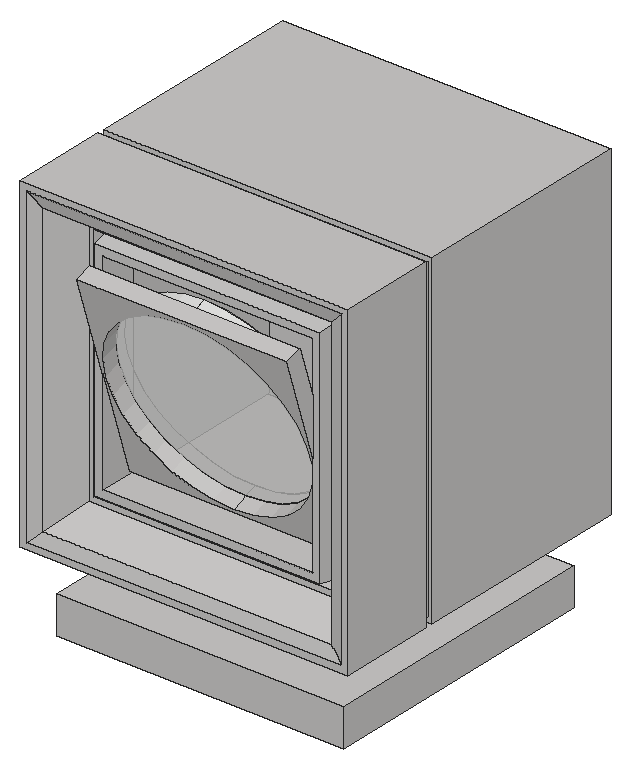
Revit family "Lighting-Luminii-Leto_44_Plus_WM_A_SML new", category Lighting Fixtures, host Face, Revit 2020
Family settings
  Host = Face
  Round Connector Dimension = Use Diameter
  Part Type = Normal
  OmniClass Number = 23.80.70.11.14.11
  OmniClass Title = Downlights
  Cut with Voids When Loaded = No
  Light Source = Yes
  Shared = Yes
  Room Calculation Point = No
Parameters (values of type "Leto 44 PLUS WM A SML")
  Width = 0' - 6 15/16"  # constant formula
  Wattage Comments = "6.5W"
  Wattage = 6.49954 W
  Warranty URL = "https://www.luminii.com/terms-conditions/"
  built-in parameter 1150110 = 1 (stored number, unit not read)
  Voltage Comments = "120V | 277V | 347V"  # constant formula
  Voltage = 120 V
  Version = "2020 - v1.0a"  # constant formula
  URL = "https://www.luminii.com/"
  built-in parameter 1114217 = 1 (stored number, unit not read)
  Tilt Angle = 0.00°  # constant formula
  built-in parameter 1150109 = 1 (stored number, unit not read)
  built-in parameter 1150134 = (empty or 0)
  built-in parameter 1150113 = 1 (stored number, unit not read)
  Support Phone = "224-699-9545"  # constant formula
  Support Email = "mailto:support@bimsmith.com"
  Product Page URL = "https://www.luminii.com/product/leto-44-plus-wm-a-sml/"
  Power Source Type = "Driver"  # constant formula
  Power Factor = 1
  Photometric Web File = "713A-A90-618-35-10-DL.ies"
  Phase = 1
  Operating Temperature = "Consult Manufacturer Website for more Information"  # constant formula
  Number of Poles = if(and(or(Voltage = 120 V, Voltage = 277 V), Phase = 1), 1, if(and(or(Voltage = 208 V, Voltage = 240 V), Phase = 1), 2, if(and(or(Voltage = 208 V, Voltage = 240 V), Phase = 3), 3, if(and(Voltage > 300 V, Phase = 1), 2, if(and(Voltage > 400 V, Phase = 3), 3, 1)))))  # 1
  Mounting Method = "Wall Mount"  # constant formula
  Model = "713A"  # constant formula
  Manufacturer Phone Number = "403-216-7043"  # constant formula
  Manufacturer Email = "mailto: info@sensolighting.com"
  Manufacturer Address = "302 50 Ave SE. Calgary, Alberta, T2G 2A9 Canada"  # constant formula
  Manufacturer = "Luminii"  # constant formula
  built-in parameter 1150105 = 55.704 (stored number, unit not read)
  Lumens = 700 lm
  Luminaire Type = "Wall Mount Asymmetric LED Downlight"  # constant formula
  built-in parameter 1150115 = 1 (stored number, unit not read)
  Load Classification = Lighting
  built-in parameter 1150137 = (empty or 0)
  built-in parameter 1150139 = (empty or 0)
  Lens Material = Plastic - Luminii - Frosted Lens
  Length = 0' - 5 9/16"  # constant formula
  built-in parameter 1150112 = 1 (stored number, unit not read)
  built-in parameter 1150114 = 1 (stored number, unit not read)
  Lamp Life = 1
  Lamp = "LED"  # constant formula
  Keynote = "26 50 00"
  built-in parameter 1150132 = 2
  built-in parameter 1150102 = (empty or 0)
  built-in parameter 1150107 = 3500 (stored number, unit not read)
  Initial Color Comments = "Perfomance based on 3500K Photometric Web File"  # constant formula
  built-in parameter 1150138 = (empty or 0)
  built-in parameter 1150106 = 0.55704 (stored number, unit not read)
  Housing Protection Rating = "Consult Manufacturer Website for more Information"  # constant formula
  Has Dimming = 1 = 1  # yes
  Has Battery Backup = 0 = 1  # no
  Frequency Comments = ""  # constant formula
  Frequency = 60 Hz
  Finish = Metal - Luminii - Silver Anodized Aluminum
  Environment = "Indoor"  # constant formula
  built-in parameter 1150104 = 10.006 (stored number, unit not read)
  Dimming Type = "Consult Manufacturer Website for more Information"  # constant formula
  Dimming Lamp Color Temperature Shift = <None>
  Description = "Wall Mount Asymmetric LED Downlight"  # constant formula
  Depth = 0' - 5 73/128"  # constant formula
  Default Elevation = 0' - 0"  # constant formula
  Current Amps = 50 A
  Copyright = "©2024 Luminii"  # constant formula
  Control Zone = "Consult Manufacturer Website for more Information"  # constant formula
  Control Type = "Consult Manufacturer Website for more Information"  # constant formula
  Constraints = 1  # constant formula
  Color Filter = 16777215
  built-in parameter 1114216 [instance] = 0  # (empty or 0)
  built-in parameter 1140040 [instance] = 1 = 1  # 1
  CCT = "3500K"
  built-in parameter 1114218 = 1 (stored number, unit not read)
  built-in parameter 1150133 = 10 (stored number, unit not read)
  Assembly Code = "D5020200"
  Apparent Load = Wattage / Power Factor  # 6.49954 VA
Reference planes (in)
  plane 1 "Center (Front/Back)": y = 0
  plane 2: z = 0
  plane 3 "Center (Left/Right)": x = 0
  plane 4: x = 2.78125
  plane 5: x = -2.78125
  plane 6: y = 2.78516
  plane 7: y = -2.78516
  plane 8: z = 4.16492
  plane 9: z = 1.37992
  plane 10: z = 6.9375
Forms (in)
  Extrusion 1, solid, material "Metal - Luminii - Silver Anodized Aluminum", not visible
    sketch origin (0, 0, 0) x (1, 0, 0) y (0, 1, 0)
      loop
        circle (0, 0) r 0.5
    from 0 to -0.17225
Dimensions and locks (in)
  equal spacing: plane 5, plane 3 "Center (Left/Right)", plane 4
  equal spacing: plane 6, plane 1 "Center (Front/Back)", plane 7  (x2)
  imposter light to plane 9 = 0' - 2.77879"
  locked: plane 9 to host face at 1.37992
  equal spacing: plane 10, imposter light, plane 9
  plane 10 to plane 9 = 0' - 5.55758"
  "Depth": plane 7 to plane 6
  "Width": host face to plane 10
  "Length": plane 4 to plane 5
  aligned and locked: plane 2 to host face
  aligned and locked: plane 3 "Center (Left/Right)" to Extrusion 1 sketch curve
  aligned and locked: plane 1 "Center (Front/Back)" to Extrusion 1 sketch curve
  aligned and locked: plane 2 to Extrusion 1  (x2)
  aligned and locked: imposter light to plane 3 "Center (Left/Right)"
Automatic sketch dimensions
  host sketch curve to host sketch curve = 8' - 0"  (x2)
  radius of Extrusion 1 sketch curve = 0' - 0 1/2"
Nested families (in)
  nested 1: "Nested - Lamp" at (0, 0, 0), type "Nested - Lamp"
Connectors (in)
  electrical at (0, 0, 0), driven by "Number of Poles", driven by "Load Classification", driven by "Voltage", driven by "Apparent Load", driven by "Power Factor"
    settings: on Extrusion 1, index 1, voltage 120 V, apparent load 6.49954 VA, apparent load phase1 0 VA, apparent load phase2 0 VA, apparent load phase3 0 VA, power factor 1, load classification "Lighting", number of poles 1, system type 30, power factor state 1, is connector primary yes, connector utility no, sub classification motor no, connector description "Power Connection"
Definition of nested family "Nested - Lamp"
  Parameters (values of type "Nested - Lamp")
    Width = 0' - 5.57087"  # constant formula
    Screen Material = none
    Inner Screen = none
    Height = 0' - 6.49606"  # constant formula
    Finish = none
    Depth = 0' - 5 73/128"
    Default Elevation = 4' - 0"
    Constraint = 3
  Reference planes (in)
    plane 1 "Center (Front/Back)": y = 0
    plane 2: z = 0
    plane 3 "Center (Left/Right)": x = 0
    plane 4: z = 3.25
    plane 5: z = 4.16492
    plane 6: x = -1.87008
    plane 7: x = 1.87008
    plane 8: x = -2.785
    plane 9: x = 2.785
    plane 10: y = -2.78516
    plane 11: y = 2.78516
  Forms (in)
    Extrusion 1, solid
      sketch origin (0, 0, 0) x (1, 0, 0) y (0, 1, 0)
        loop
          line (-48, 48) -> (-48, -48) -> (48, -48) -> (48, 48) -> (-48, 48)
      from 0 to -12
    Sweep 2, solid, material <- "Finish", detail levels medium+fine
      path origin (-0.03362, -2.16535, 6.49563) x (0, 0, 1) y (-1, 0, 0)
        loop
          line (0.45479, -2.81862) -> (0.45479, 2.75138) -> (-5.11621, 2.75138) -> (-5.11621, -2.81862) -> (0.45479, -2.81862)
      profile origin (2.785, -2.16535, 4.16492) x (0, -1, 0) y (1, 0, 0)
        loop
          line (-4.95051, 0) -> (-4.95051, -0.07874) -> (-4.75366, -0.07874) -> (-4.75366, -0.21654) -> (-0.51419, -0.21654) -> (-0.51419, -1) -> (0.1198, -1) -> (0.1198, -0.875) -> (-0.29402, -0.81684)
          arc (-0.29402, -0.81684) -> (-0.3177, -0.79301) -> (-0.29852, -0.76544) r 0.02623
          line (-0.29852, -0.76544) -> (-0.01419, -0.74056) -> (-0.01419, -0.65072) -> (0.55419, -0.32428) -> (0.6198, -0.10547) -> (0.6198, 0) -> (-1.03645, 0) -> (-1.03645, -0.07874) -> (-1.16145, -0.07874) -> (-1.16145, 0) -> (-4.95051, 0)
    Extrusion 3, solid, material <- "Finish"
      sketch origin (1.59205, -2.61177, 6.82304) x (0, 0.309017, -0.951057) y (1, 0, 0)
        loop
          line (4.45826, 0.19345) -> (0.88726, 0.19345) -> (0.88726, -3.37755) -> (4.45826, -3.37755) -> (4.45826, 0.19345)
        loop
          circle (2.67276, -1.59205) r 1.738
      from 0.23419 to 0.51772
    Extrusion 4, solid, material <- "Screen Material"
      sketch origin (1.59205, -4.03204, 6.36157) x (0, 0.309017, -0.951057) y (1, 0, 0)
        loop
          circle (2.67276, -1.59205) r 1.738
      from -1.25917 to -1.46931
    Extrusion 5, solid, material <- "Finish", detail levels medium+fine
      sketch origin (-0.03362, -3.09528, 6.03258) x (0, 0, 1) y (-1, 0, 0)
        loop
          line (0.8391, -2.73988) -> (0.8391, 2.67263) -> (-4.57442, 2.67263) -> (-4.57442, -2.73988) -> (0.8391, -2.73988)
        loop
          line (-1.27711, -0.35085) -> (-0.52144, -0.35085)
          arc (-0.52144, -0.35085) -> (-0.24585, -0.07526) -> (-0.52144, 0.20033) r 0.27559
          line (-0.52144, 0.20033) -> (-1.27711, 0.20033)
          arc (-1.27711, 0.20033) -> (-1.49982, 0.29258) -> (-1.59207, 0.51529) r 0.31496
          line (-1.59207, 0.51529) -> (-1.59207, 1.14748)
          arc (-1.59207, 1.14748) -> (-1.86766, 1.42307) -> (-2.14325, 1.14748) r 0.27559
          line (-2.14325, 1.14748) -> (-2.14325, 0.55693)
          arc (-2.14325, 0.55693) -> (-2.2355, 0.33422) -> (-2.45821, 0.24197) r 0.31496
          line (-2.45821, 0.24197) -> (-3.04876, 0.24197)
          arc (-3.04876, 0.24197) -> (-3.32435, -0.03362) -> (-3.04876, -0.30922) r 0.27559
          line (-3.04876, -0.30922) -> (-2.45821, -0.30922)
          arc (-2.45821, -0.30922) -> (-2.2355, -0.40147) -> (-2.14325, -0.62418) r 0.31496
          line (-2.14325, -0.62418) -> (-2.14325, -1.21473)
          arc (-2.14325, -1.21473) -> (-1.86766, -1.49032) -> (-1.59207, -1.21473) r 0.27559
          line (-1.59207, -1.21473) -> (-1.59207, -0.66582)
          arc (-1.59207, -0.66582) -> (-1.49982, -0.4431) -> (-1.27711, -0.35085) r 0.31496
      from -5.75828 to -5.68358
    Extrusion 6, solid, material <- "Finish", detail levels medium+fine
      sketch origin (-0.03362, -3.09528, 6.03258) x (0, 0, 1) y (-1, 0, 0)
        loop
          line (0.8391, -2.73988) -> (0.8391, 2.67263) -> (-4.57442, 2.67263) -> (-4.57442, -2.73988) -> (0.8391, -2.73988)
        loop
          circle (-1.86766, -0.03362) r 0.87104
        loop
          circle (-1.86766, -0.03362) r 0.71409
      from -5.36862 to -5.30882
    Sweep 7, solid, material <- "Finish", detail levels coarse
      path origin (0.8813, -1.70248, 6.49563) x (0, 0, 1) y (-1, 0, 0)
        loop
          line (0.45479, -1.9042) -> (0.45479, 3.6668) -> (-5.11621, 3.6668) -> (-5.11621, -1.9042) -> (0.45479, -1.9042)
      profile origin (2.7855, -1.70248, 4.16492) x (0, -1, 0) y (1, 0, 0)
        loop
          line (-4.48764, 0) -> (-4.48764, -0.07874) -> (-4.29078, -0.07874) -> (-4.29078, -0.21654) -> (-0.05132, -0.21654) -> (-0.05132, -1.00515) -> (0.58268, -1.00515) -> (0.58268, -0.43704) -> (1.05685, -0.1647) -> (1.08268, -0.09375) -> (1.08268, 0) -> (-4.48764, 0)
    Extrusion 8, solid, material <- "Finish"
      sketch origin (-0.03362, 1.25, 6.49606) x (0, 1, 0) y (-1, 0, 0)
        loop
          line (1.1875, 2.40732) -> (-3.6875, 2.40732) -> (-3.6875, -2.47457) -> (1.1875, -2.47457) -> (1.1875, 2.40732)
      from -6.49606 to -5.86614
    Extrusion 9, solid, material <- "Finish"
      sketch origin (-0.03362, 1.25, 6.49606) x (0, 1, 0) y (-1, 0, 0)
        loop
          line (-0.38386, -0.89977) -> (-0.38386, 0.83252) -> (-2.11614, 0.83252) -> (-2.11614, -0.89977) -> (-0.38386, -0.89977)
      from -5.11614 to -5.86614
    Extrusion 10, solid, material <- "Finish", detail levels coarse
      sketch origin (-0.03362, -3.09528, 6.03258) x (0, 0, 1) y (-1, 0, 0)
        loop
          line (0.8391, -2.73988) -> (0.8391, 2.67263) -> (-4.57442, 2.67263) -> (-4.57442, -2.73988) -> (0.8391, -2.73988)
      from -5.75828 to -5.68358
  Lines and regions (in)
    reference lines
      curve 1: line (0, -2.1434, 4.16492) -> (0, -2.1434, 8.12942)
  Dimensions and locks (in)
    Sweep 7 to Extrusion 1 = 0' - 1.37942"
    Sweep 7 to Sweep 7 = 0' - 5.571"
    Sweep 7 to plane 4 = 0' - 1.87058"
    Sweep 7 to plane 5 = 0' - 2.7855"
    plane 6 to plane 7 = 0' - 3.74016"
    plane 6 to plane 3 "Center (Left/Right)" = 0' - 1.87008"
    plane 3 "Center (Left/Right)" to Sweep 7 = 0' - 2.7855"
    equal spacing: plane 11, plane 1 "Center (Front/Back)", plane 10  (x2)
    Sweep 7 to Sweep 7 = 0' - 1.00515"
    Sweep 2 to Sweep 2 = 0' - 1"
    Sweep 2 to Sweep 2 = 0' - 0 1/8"
    Sweep 2 to plane 10 = 0' - 0 1/2"
    plane 10 to Sweep 2 sketch curve = 0' - 0 1/2"
    plane 10 to Sweep 2 sketch curve = 0' - 1.134"
    locked: Extrusion 8 sketch curve to plane 3 "Center (Left/Right)" at 2.44094
    locked: plane 1 "Center (Front/Back)" to Extrusion 8 sketch curve at 2.4375
    locked: Extrusion 8 sketch curve to plane 1 "Center (Front/Back)" at 2.4375
    locked: plane 3 "Center (Left/Right)" to Extrusion 8 sketch curve at 2.44094
    Extrusion 3 sketch curve to Extrusion 3 sketch curve = 0' - 3.571"
    "Depth": plane 11 to plane 10
    angle Sweep 7 sketch curve to plane 10 = 20.00°
    angle Sweep 7 sketch curve to Sweep 7 sketch curve = 119.87°
    aligned and locked: plane 2 to Extrusion 1
    aligned and locked: level to Extrusion 1
  Automatic sketch dimensions
    Extrusion 1 sketch curve to Extrusion 1 sketch curve = 8' - 0"  (x2)
    plane 9 to Sweep 2 sketch curve = 0' - 0"
    Sweep 2 sketch curve to plane 8 = 0' - 0"
    level to Sweep 2 sketch curve = 0' - 1.37942"
    plane 5 to Sweep 2 sketch curve = 0' - 2.7855"
    Extrusion 5 sketch curve to plane 3 "Center (Left/Right)" = 0' - 0"
    Extrusion 5 sketch curve to plane 5 = 0' - 0"  (x2)
    Extrusion 5 sketch curve to Extrusion 5 sketch curve = 0' - 0.27559"  (x2)
    plane 4 to Extrusion 5 sketch curve = 0' - 0.32437"  (x2)
    Extrusion 5 sketch curve to plane 4 = 0' - 0.26618"
    plane 9 to Extrusion 5 sketch curve = 0' - 0.07874"
    level to Extrusion 5 sketch curve = 0' - 1.45816"
    Extrusion 5 sketch curve to plane 3 "Center (Left/Right)" = 0' - 0.23395"
    Extrusion 5 sketch curve to Extrusion 5 sketch curve = 0' - 0.31496"  (x2)
    plane 3 "Center (Left/Right)" to Extrusion 5 sketch curve = 0' - 0.31723"
    Extrusion 5 sketch curve to Extrusion 5 sketch curve = 0' - 0.75567"
    plane 8 to Extrusion 5 sketch curve = 0' - 0.07874"
    plane 5 to Extrusion 5 sketch curve = 0' - 2.70676"
    Extrusion 5 sketch curve to Extrusion 5 sketch curve = 0' - 0.54891"
    plane 3 "Center (Left/Right)" to Extrusion 5 sketch curve = 0' - 0.59055"
    Extrusion 5 sketch curve to Extrusion 5 sketch curve = 0' - 0.63219"
    Extrusion 6 sketch curve to Extrusion 6 sketch curve = 0' - 0"  (x2)
    Extrusion 6 sketch curve to plane 3 "Center (Left/Right)" = 0' - 0"
    Extrusion 6 sketch curve to plane 5 = 0' - 0"
    plane 9 to Extrusion 6 sketch curve = 0' - 0.07874"
    level to Extrusion 6 sketch curve = 0' - 1.45816"
    plane 5 to Extrusion 6 sketch curve = 0' - 2.70676"
    plane 8 to Extrusion 6 sketch curve = 0' - 0.07874"
    Sweep 7 sketch curve to plane 9 = 0' - 0.0005"
    level to Sweep 7 sketch curve = 0' - 1.37942"
    Sweep 7 sketch curve to plane 8 = 0' - 0.0005"
    plane 5 to Sweep 7 sketch curve = 0' - 2.7855"
    Sweep 7 sketch curve to profile plane = 0' - 0"
    profile plane to Sweep 7 sketch curve = 0' - 0.07874"
    Sweep 7 sketch curve to profile plane = 0' - 4.48764"
    Sweep 7 sketch curve to Sweep 7 sketch curve = 0' - 0.19685"
    Sweep 7 sketch curve to profile plane = 0' - 0.05132"
    profile plane to Sweep 7 sketch curve = 0' - 0.58268"
    profile plane to Sweep 7 sketch curve = 0' - 0.1647"
    Sweep 7 sketch curve to Sweep 7 sketch curve = 0' - 0.47418"
    profile plane to Sweep 7 sketch curve = 0' - 0 3/32"
    Sweep 7 sketch curve to Sweep 7 sketch curve = 0' - 0.56811"
    Sweep 7 sketch curve to Sweep 7 sketch curve = 0' - 0.1378"
    plane 1 "Center (Front/Back)" to Extrusion 9 sketch curve = 0' - 0.86614"
    Extrusion 9 sketch curve to plane 1 "Center (Front/Back)" = 0' - 0.86614"
    plane 3 "Center (Left/Right)" to Extrusion 9 sketch curve = 0' - 0.86614"
    Extrusion 9 sketch curve to plane 3 "Center (Left/Right)" = 0' - 0.86614"
    plane 9 to Extrusion 10 sketch curve = 0' - 0.07874"
    level to Extrusion 10 sketch curve = 0' - 1.45816"
    plane 8 to Extrusion 10 sketch curve = 0' - 0.07874"
    plane 5 to Extrusion 10 sketch curve = 0' - 2.70676"
    curve 1 to plane 5 = 0' - 0"
    plane 10 to curve 1 = 0' - 0.64176"
    plane 5 to curve 1 = 0' - 3.9645"
    Extrusion 3 sketch curve to plane 3 "Center (Left/Right)" = 0' - 0"
    plane 7 to Extrusion 3 sketch curve = 0' - 0.08458"
    Extrusion 3 sketch curve to Extrusion 3 sketch curve = 0' - 1.7855"
    plane 6 to Extrusion 3 sketch curve = 0' - 0.08458"
    Extrusion 4 sketch curve to Extrusion 4 sketch curve = 0' - 0"  (x2)
    Extrusion 4 sketch curve to plane 3 "Center (Left/Right)" = 0' - 0"
    Extrusion 4 sketch curve to Extrusion 4 sketch curve = 0' - 1.738"
    Sweep 2 sketch curve to profile plane = 0' - 0"  (x2)
    profile plane to Sweep 2 sketch curve = 0' - 0.21654"
    Sweep 2 sketch curve to Sweep 2 sketch curve = 0' - 4.23947"
    Sweep 2 sketch curve to Sweep 2 sketch curve = 0' - 0.19685"
    Sweep 2 sketch curve to profile plane = 0' - 0.29852"
    Sweep 2 sketch curve to Sweep 2 sketch curve = 0' - 0.0045"
    Sweep 2 sketch curve to Sweep 2 sketch curve = 0' - 0.00245"
    Sweep 2 sketch curve to profile plane = 0' - 0.01419"
    profile plane to Sweep 2 sketch curve = 0' - 0.07874"  (x2)
    Sweep 2 sketch curve to profile plane = 0' - 1.16145"
    Sweep 2 sketch curve to Sweep 2 sketch curve = 0' - 0 1/8"  (x2)
    Sweep 2 sketch curve to Sweep 2 sketch curve = 0' - 1.59063"
    Sweep 2 sketch curve to Sweep 2 sketch curve = 0' - 1 21/32"
    Sweep 2 sketch curve to Sweep 2 sketch curve = 0' - 0.24554"
    profile plane to Sweep 2 sketch curve = 0' - 0.65072"
    Sweep 2 sketch curve to Sweep 2 sketch curve = 0' - 0 23/256"
    Sweep 2 sketch curve to Sweep 2 sketch curve = 0' - 0.02488"
    Sweep 2 sketch curve to Sweep 2 sketch curve = 0' - 0.02529"
    Sweep 2 sketch curve to Sweep 2 sketch curve = 0' - 0.13444"
    profile plane to Sweep 2 sketch curve = 0' - 0 27/256"
    radius of Extrusion 6 sketch curve = 0' - 0.87104"
    radius of Extrusion 6 sketch curve = 0' - 0.71409"
    radius of Extrusion 3 sketch curve = 0' - 1.738"
